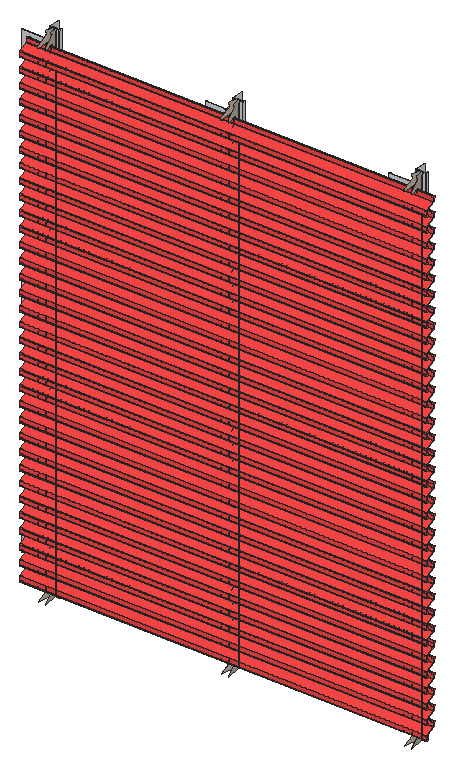
Revit family "HD002-2015.01.12-BT-Conjunto Celosia 70S", category Generic Models, Revit 2016
Family settings
  Part Type = Normal
  Can host rebar = No
  Round Connector Dimension = Use Diameter
  Work Plane-Based = No
  Always vertical = Yes
  Cut with Voids When Loaded = No
  Shared = No
  Room Calculation Point = No
Parameters (values of type "Productos HD")
  URL = "http://www.hunterdouglas.cl/ap/cl/linea/control-solar/cortasoles-lineales/celoscreen"
  Manufacturer = "Hunter Douglas"
  Distancia  entre apoyos = 1800 mm
  Description = "Celisía 70S tiene función decorativa, renovación de aire o control solar pasivo."
  Cantidad  Portapaneles = (Distancia  entre apoyos / 800 mm) + 1  # 3
  Cantidad  Paneles = 34
  Cantidad Anclajes Soporte = 5
  ID_Source = "BIMTOOL"
  ID_Objeto = "BT_F_F_010"
  BT_Uso = "Exterior"
  BT_SKU = "003023"
  BT_Profundidad = 135 mm
  BT_Peso = "N/A"
  BT_Nombre_Tecnico = "Celosia 70S Horizontal"
  BT_Nombre_Corto = "Celosia 70S"
  BT_Material = "Aluzinc"
  BT_MasterFormat® = "08 91 19"
  BT_Marca = "Hunter Douglas"
  BT_Itemizado_Estandar_CDT = "D 01 08 03"
  BT_Especialidad = "Arquitectura"
  BT_Elemento = "Celosias y Quiebravista"
  BT_EETT = "Producto diseñado para ser utilizado en espacios en los que se requiera renovación de aire o simplemente como elemento decorativo, además del control solar pasivo."
  BT_Color = "100 colores a eleccion"
  BT_Codigo_Origen = "HD010"
  BT_Codigo_Linea = "De Línea"
  BT_Ancho = 2000 mm
  BT_Alto = 2500 mm
  Assembly Code = ""
Reference planes
  plane 1 "Center (Front/Back)": y = 0
  plane 2: z = 0
  plane 3 "Center (Left/Right)": x = 0
  plane 4: x = 100
  plane 5: x = 2000
  plane 6: x = 1900
  plane 7: z = 2400
  plane 8: z = 100
Dimensions and locks
  "Distancia  entre apoyos": plane 4 to plane 6
  plane 3 "Center (Left/Right)" to plane 5 = 2000 mm
  locked: plane 6 to plane 5 at 100
  locked: nested 3 to plane 5 at 123.275
  equal spacing: group 2, group 3, group 1
  equal spacing: group 1, group 3, group 2  (x2)
  locked: nested 1 to plane 5 at 81.658
  equal spacing: group 5, group 6, group 4
  equal spacing: group 4, group 6, group 5  (x2)
  equal spacing: group 7, group 8, group 9, group 10, group 11, group 12, group 13, group 14, group 15, group 16, group 17, group 18, group 19, group 20, group 21, group 22, group 23, group 24, group 25, group 26, group 27, group 28, group 29, group 30, group 31, group 32, group 33, group 34, group 35, group 36, group 37, group 38, group 39, group 40  (x3)
  nested 40 to nested 40 = 2000 mm
  aligned and locked: level to plane 2
Nested families
  nested 1: "Portapanel Paso 70" at (1908.472, 23.712, 0), type "Portapanel C70s"
  nested 2: "Panel Celosia 70s" at (0, -6.921, 85.577), type "Panel C70s"
  nested 3: "Perfil Mullion Estandar" at (1857.33, 37.309, 0) x (0, 1, 0) z (0, 0, 1), type "Perfil mullion"
  nested 4: "Perfil Mullion Estandar" at (57.33, 37.309, 0) x (0, 1, 0) z (0, 0, 1), type "Perfil mullion"
  nested 5: "Perfil Mullion Estandar" at (957.33, 37.309, 0) x (0, 1, 0) z (0, 0, 1), type "Perfil mullion"
  nested 6: "Portapanel Paso 70" at (108.472, 23.712, 0), type "Portapanel C70s"
  nested 7: "Portapanel Paso 70" at (1008.472, 23.712, 0), type "Portapanel C70s"
  nested 8: "Panel Celosia 70s" at (0, -6.921, 155.577), type "Panel C70s"
  nested 9: "Panel Celosia 70s" at (0, -6.921, 225.577), type "Panel C70s"
  nested 10: "Panel Celosia 70s" at (0, -6.921, 295.577), type "Panel C70s"
  nested 11: "Panel Celosia 70s" at (0, -6.921, 365.577), type "Panel C70s"
  nested 12: "Panel Celosia 70s" at (0, -6.921, 435.577), type "Panel C70s"
  nested 13: "Panel Celosia 70s" at (0, -6.921, 505.577), type "Panel C70s"
  nested 14: "Panel Celosia 70s" at (0, -6.921, 575.577), type "Panel C70s"
  nested 15: "Panel Celosia 70s" at (0, -6.921, 645.577), type "Panel C70s"
  nested 16: "Panel Celosia 70s" at (0, -6.921, 715.577), type "Panel C70s"
  nested 17: "Panel Celosia 70s" at (0, -6.921, 785.577), type "Panel C70s"
  nested 18: "Panel Celosia 70s" at (0, -6.921, 855.577), type "Panel C70s"
  nested 19: "Panel Celosia 70s" at (0, -6.921, 925.577), type "Panel C70s"
  nested 20: "Panel Celosia 70s" at (0, -6.921, 995.577), type "Panel C70s"
  nested 21: "Panel Celosia 70s" at (0, -6.921, 1065.577), type "Panel C70s"
  nested 22: "Panel Celosia 70s" at (0, -6.921, 1135.577), type "Panel C70s"
  nested 23: "Panel Celosia 70s" at (0, -6.921, 1205.577), type "Panel C70s"
  nested 24: "Panel Celosia 70s" at (0, -6.921, 1275.577), type "Panel C70s"
  nested 25: "Panel Celosia 70s" at (0, -6.921, 1345.577), type "Panel C70s"
  nested 26: "Panel Celosia 70s" at (0, -6.921, 1415.577), type "Panel C70s"
  nested 27: "Panel Celosia 70s" at (0, -6.921, 1485.577), type "Panel C70s"
  nested 28: "Panel Celosia 70s" at (0, -6.921, 1555.577), type "Panel C70s"
  nested 29: "Panel Celosia 70s" at (0, -6.921, 1625.577), type "Panel C70s"
  nested 30: "Panel Celosia 70s" at (0, -6.921, 1695.577), type "Panel C70s"
  nested 31: "Panel Celosia 70s" at (0, -6.921, 1765.577), type "Panel C70s"
  nested 32: "Panel Celosia 70s" at (0, -6.921, 1835.577), type "Panel C70s"
  nested 33: "Panel Celosia 70s" at (0, -6.921, 1905.577), type "Panel C70s"
  nested 34: "Panel Celosia 70s" at (0, -6.921, 1975.577), type "Panel C70s"
  nested 35: "Panel Celosia 70s" at (0, -6.921, 2045.577), type "Panel C70s"
  nested 36: "Panel Celosia 70s" at (0, -6.921, 2115.577), type "Panel C70s"
  nested 37: "Panel Celosia 70s" at (0, -6.921, 2185.577), type "Panel C70s"
  nested 38: "Panel Celosia 70s" at (0, -6.921, 2255.577), type "Panel C70s"
  nested 39: "Panel Celosia 70s" at (0, -6.921, 2325.577), type "Panel C70s"
  nested 40: "Panel Celosia 70s" at (0, -6.921, 2395.577), type "Panel C70s"
Definition of nested family "Portapanel Paso 70"
  Parameters (values of type "Portapanel C70s")
    Ref Matriz = (Largo / 70 mm)  # 36
    Material = none
    Largo = 2500 mm
  Reference planes
    plane 1 "Center (Front/Back)": y = 0
    plane 2: z = 0
    plane 3 "Center (Left/Right)": x = 0
    plane 4: x = 104.727
    plane 5: x = 324.727
  Forms (mm)
    Extrusion 1, solid, material <- "Material"
      sketch origin (54.366, 0, 0) x (0, 1, 0) y (-1, 0, 0)
        loop
          arc (-0.94, 55.225) -> (-0.267, 55.594) -> (0, 56.313) r 1.1
          line (0, 56.313) -> (0, 68.313)
          arc (0, 68.313) -> (-0.267, 69.032) -> (-0.94, 69.401) r 1.1
          line (-0.94, 69.401) -> (-79.5, 80.983) -> (-79.617, 80.192) -> (-0.8, 68.572) -> (-0.8, 56.054) -> (-79.617, 44.434) -> (-79.5, 43.643) -> (-0.94, 55.225)
      from 0 to 2500
    Extrusion 2, void
      sketch origin (54.366, 0.652, -15.656) x (0, 0, 1) y (0, 1, 0)
        loop
          line (11.299, -79.85) -> (11.299, -81.029) -> (81.299, -81.029) -> (81.299, -79.85) -> (77.826, -79.85)
          arc (77.826, -79.85) -> (76.412, -79.264) -> (75.826, -77.85) r 2
          arc (75.826, -77.85) -> (76.119, -77.143) -> (76.826, -76.85) r 1
          line (76.826, -76.85) -> (77.826, -76.85)
          arc (77.826, -76.85) -> (78.18, -76.704) -> (78.326, -76.35) r 0.5
          line (78.326, -76.35) -> (78.326, -74.35)
          arc (78.326, -74.35) -> (78.18, -73.997) -> (77.826, -73.85) r 0.5
          line (77.826, -73.85) -> (76.175, -73.85)
          arc (76.175, -73.85) -> (74.589, -73.068) -> (74.243, -71.333) r 2
          line (74.243, -71.333) -> (83.826, -35.57) -> (83.826, -27.35)
          arc (83.826, -27.35) -> (82.947, -25.229) -> (80.826, -24.35) r 3
          line (80.826, -24.35) -> (66.826, -24.35)
          arc (66.826, -24.35) -> (64.705, -25.229) -> (63.826, -27.35) r 3
          line (63.826, -27.35) -> (63.826, -31.829)
          arc (63.826, -31.829) -> (63.939, -32.291) -> (64.252, -32.648) r 1
          line (64.252, -32.648) -> (67.062, -34.616) -> (68.897, -34.124) -> (71.168, -34.951)
          arc (71.168, -34.951) -> (71.822, -35.803) -> (71.326, -36.756) r 1
          line (71.326, -36.756) -> (68.478, -38.4)
          arc (68.478, -38.4) -> (66.261, -39.153) -> (63.925, -39) r 6
          line (63.925, -39) -> (49.964, -35.259)
          arc (49.964, -35.259) -> (46.36, -35.416) -> (43.498, -37.611) r 6
          line (43.498, -37.611) -> (15.394, -77.719)
          arc (15.394, -77.719) -> (13.607, -79.286) -> (11.299, -79.85) r 5
      from 0 to 250
    Extrusion 3, void
      sketch origin (54.366, 0.652, 54.344) x (0, 0, 1) y (0, 1, 0)
        loop
          line (11.299, -79.85) -> (11.299, -81.029) -> (81.299, -81.029) -> (81.299, -79.85) -> (77.826, -79.85)
          arc (77.826, -79.85) -> (76.412, -79.264) -> (75.826, -77.85) r 2
          arc (75.826, -77.85) -> (76.119, -77.143) -> (76.826, -76.85) r 1
          line (76.826, -76.85) -> (77.826, -76.85)
          arc (77.826, -76.85) -> (78.18, -76.704) -> (78.326, -76.35) r 0.5
          line (78.326, -76.35) -> (78.326, -74.35)
          arc (78.326, -74.35) -> (78.18, -73.997) -> (77.826, -73.85) r 0.5
          line (77.826, -73.85) -> (76.175, -73.85)
          arc (76.175, -73.85) -> (74.589, -73.068) -> (74.243, -71.333) r 2
          line (74.243, -71.333) -> (83.826, -35.57) -> (83.826, -27.35)
          arc (83.826, -27.35) -> (82.947, -25.229) -> (80.826, -24.35) r 3
          line (80.826, -24.35) -> (66.826, -24.35)
          arc (66.826, -24.35) -> (64.705, -25.229) -> (63.826, -27.35) r 3
          line (63.826, -27.35) -> (63.826, -31.829)
          arc (63.826, -31.829) -> (63.939, -32.291) -> (64.252, -32.648) r 1
          line (64.252, -32.648) -> (67.062, -34.616) -> (68.897, -34.124) -> (71.168, -34.951)
          arc (71.168, -34.951) -> (71.822, -35.803) -> (71.326, -36.756) r 1
          line (71.326, -36.756) -> (68.478, -38.4)
          arc (68.478, -38.4) -> (66.261, -39.153) -> (63.925, -39) r 6
          line (63.925, -39) -> (49.964, -35.259)
          arc (49.964, -35.259) -> (46.36, -35.416) -> (43.498, -37.611) r 6
          line (43.498, -37.611) -> (15.394, -77.719)
          arc (15.394, -77.719) -> (13.607, -79.286) -> (11.299, -79.85) r 5
      from 0 to 250
    Extrusion 4, void
      sketch origin (54.366, 0.652, 124.344) x (0, 0, 1) y (0, 1, 0)
        loop
          line (11.299, -79.85) -> (11.299, -81.029) -> (81.299, -81.029) -> (81.299, -79.85) -> (77.826, -79.85)
          arc (77.826, -79.85) -> (76.412, -79.264) -> (75.826, -77.85) r 2
          arc (75.826, -77.85) -> (76.119, -77.143) -> (76.826, -76.85) r 1
          line (76.826, -76.85) -> (77.826, -76.85)
          arc (77.826, -76.85) -> (78.18, -76.704) -> (78.326, -76.35) r 0.5
          line (78.326, -76.35) -> (78.326, -74.35)
          arc (78.326, -74.35) -> (78.18, -73.997) -> (77.826, -73.85) r 0.5
          line (77.826, -73.85) -> (76.175, -73.85)
          arc (76.175, -73.85) -> (74.589, -73.068) -> (74.243, -71.333) r 2
          line (74.243, -71.333) -> (83.826, -35.57) -> (83.826, -27.35)
          arc (83.826, -27.35) -> (82.947, -25.229) -> (80.826, -24.35) r 3
          line (80.826, -24.35) -> (66.826, -24.35)
          arc (66.826, -24.35) -> (64.705, -25.229) -> (63.826, -27.35) r 3
          line (63.826, -27.35) -> (63.826, -31.829)
          arc (63.826, -31.829) -> (63.939, -32.291) -> (64.252, -32.648) r 1
          line (64.252, -32.648) -> (67.062, -34.616) -> (68.897, -34.124) -> (71.168, -34.951)
          arc (71.168, -34.951) -> (71.822, -35.803) -> (71.326, -36.756) r 1
          line (71.326, -36.756) -> (68.478, -38.4)
          arc (68.478, -38.4) -> (66.261, -39.153) -> (63.925, -39) r 6
          line (63.925, -39) -> (49.964, -35.259)
          arc (49.964, -35.259) -> (46.36, -35.416) -> (43.498, -37.611) r 6
          line (43.498, -37.611) -> (15.394, -77.719)
          arc (15.394, -77.719) -> (13.607, -79.286) -> (11.299, -79.85) r 5
      from 0 to 250
    Extrusion 5, void
      sketch origin (54.366, 0.652, 194.344) x (0, 0, 1) y (0, 1, 0)
        loop
          line (11.299, -79.85) -> (11.299, -81.029) -> (81.299, -81.029) -> (81.299, -79.85) -> (77.826, -79.85)
          arc (77.826, -79.85) -> (76.412, -79.264) -> (75.826, -77.85) r 2
          arc (75.826, -77.85) -> (76.119, -77.143) -> (76.826, -76.85) r 1
          line (76.826, -76.85) -> (77.826, -76.85)
          arc (77.826, -76.85) -> (78.18, -76.704) -> (78.326, -76.35) r 0.5
          line (78.326, -76.35) -> (78.326, -74.35)
          arc (78.326, -74.35) -> (78.18, -73.997) -> (77.826, -73.85) r 0.5
          line (77.826, -73.85) -> (76.175, -73.85)
          arc (76.175, -73.85) -> (74.589, -73.068) -> (74.243, -71.333) r 2
          line (74.243, -71.333) -> (83.826, -35.57) -> (83.826, -27.35)
          arc (83.826, -27.35) -> (82.947, -25.229) -> (80.826, -24.35) r 3
          line (80.826, -24.35) -> (66.826, -24.35)
          arc (66.826, -24.35) -> (64.705, -25.229) -> (63.826, -27.35) r 3
          line (63.826, -27.35) -> (63.826, -31.829)
          arc (63.826, -31.829) -> (63.939, -32.291) -> (64.252, -32.648) r 1
          line (64.252, -32.648) -> (67.062, -34.616) -> (68.897, -34.124) -> (71.168, -34.951)
          arc (71.168, -34.951) -> (71.822, -35.803) -> (71.326, -36.756) r 1
          line (71.326, -36.756) -> (68.478, -38.4)
          arc (68.478, -38.4) -> (66.261, -39.153) -> (63.925, -39) r 6
          line (63.925, -39) -> (49.964, -35.259)
          arc (49.964, -35.259) -> (46.36, -35.416) -> (43.498, -37.611) r 6
          line (43.498, -37.611) -> (15.394, -77.719)
          arc (15.394, -77.719) -> (13.607, -79.286) -> (11.299, -79.85) r 5
      from 0 to 250
    Extrusion 6, void
      sketch origin (54.366, 0.652, 264.344) x (0, 0, 1) y (0, 1, 0)
        loop
          line (11.299, -79.85) -> (11.299, -81.029) -> (81.299, -81.029) -> (81.299, -79.85) -> (77.826, -79.85)
          arc (77.826, -79.85) -> (76.412, -79.264) -> (75.826, -77.85) r 2
          arc (75.826, -77.85) -> (76.119, -77.143) -> (76.826, -76.85) r 1
          line (76.826, -76.85) -> (77.826, -76.85)
          arc (77.826, -76.85) -> (78.18, -76.704) -> (78.326, -76.35) r 0.5
          line (78.326, -76.35) -> (78.326, -74.35)
          arc (78.326, -74.35) -> (78.18, -73.997) -> (77.826, -73.85) r 0.5
          line (77.826, -73.85) -> (76.175, -73.85)
          arc (76.175, -73.85) -> (74.589, -73.068) -> (74.243, -71.333) r 2
          line (74.243, -71.333) -> (83.826, -35.57) -> (83.826, -27.35)
          arc (83.826, -27.35) -> (82.947, -25.229) -> (80.826, -24.35) r 3
          line (80.826, -24.35) -> (66.826, -24.35)
          arc (66.826, -24.35) -> (64.705, -25.229) -> (63.826, -27.35) r 3
          line (63.826, -27.35) -> (63.826, -31.829)
          arc (63.826, -31.829) -> (63.939, -32.291) -> (64.252, -32.648) r 1
          line (64.252, -32.648) -> (67.062, -34.616) -> (68.897, -34.124) -> (71.168, -34.951)
          arc (71.168, -34.951) -> (71.822, -35.803) -> (71.326, -36.756) r 1
          line (71.326, -36.756) -> (68.478, -38.4)
          arc (68.478, -38.4) -> (66.261, -39.153) -> (63.925, -39) r 6
          line (63.925, -39) -> (49.964, -35.259)
          arc (49.964, -35.259) -> (46.36, -35.416) -> (43.498, -37.611) r 6
          line (43.498, -37.611) -> (15.394, -77.719)
          arc (15.394, -77.719) -> (13.607, -79.286) -> (11.299, -79.85) r 5
      from 0 to 250
    Extrusion 7, void
      sketch origin (54.366, 0.652, 334.344) x (0, 0, 1) y (0, 1, 0)
        loop
          line (11.299, -79.85) -> (11.299, -81.029) -> (81.299, -81.029) -> (81.299, -79.85) -> (77.826, -79.85)
          arc (77.826, -79.85) -> (76.412, -79.264) -> (75.826, -77.85) r 2
          arc (75.826, -77.85) -> (76.119, -77.143) -> (76.826, -76.85) r 1
          line (76.826, -76.85) -> (77.826, -76.85)
          arc (77.826, -76.85) -> (78.18, -76.704) -> (78.326, -76.35) r 0.5
          line (78.326, -76.35) -> (78.326, -74.35)
          arc (78.326, -74.35) -> (78.18, -73.997) -> (77.826, -73.85) r 0.5
          line (77.826, -73.85) -> (76.175, -73.85)
          arc (76.175, -73.85) -> (74.589, -73.068) -> (74.243, -71.333) r 2
          line (74.243, -71.333) -> (83.826, -35.57) -> (83.826, -27.35)
          arc (83.826, -27.35) -> (82.947, -25.229) -> (80.826, -24.35) r 3
          line (80.826, -24.35) -> (66.826, -24.35)
          arc (66.826, -24.35) -> (64.705, -25.229) -> (63.826, -27.35) r 3
          line (63.826, -27.35) -> (63.826, -31.829)
          arc (63.826, -31.829) -> (63.939, -32.291) -> (64.252, -32.648) r 1
          line (64.252, -32.648) -> (67.062, -34.616) -> (68.897, -34.124) -> (71.168, -34.951)
          arc (71.168, -34.951) -> (71.822, -35.803) -> (71.326, -36.756) r 1
          line (71.326, -36.756) -> (68.478, -38.4)
          arc (68.478, -38.4) -> (66.261, -39.153) -> (63.925, -39) r 6
          line (63.925, -39) -> (49.964, -35.259)
          arc (49.964, -35.259) -> (46.36, -35.416) -> (43.498, -37.611) r 6
          line (43.498, -37.611) -> (15.394, -77.719)
          arc (15.394, -77.719) -> (13.607, -79.286) -> (11.299, -79.85) r 5
      from 0 to 250
    Extrusion 8, void
      sketch origin (54.366, 0.652, 404.344) x (0, 0, 1) y (0, 1, 0)
        loop
          line (11.299, -79.85) -> (11.299, -81.029) -> (81.299, -81.029) -> (81.299, -79.85) -> (77.826, -79.85)
          arc (77.826, -79.85) -> (76.412, -79.264) -> (75.826, -77.85) r 2
          arc (75.826, -77.85) -> (76.119, -77.143) -> (76.826, -76.85) r 1
          line (76.826, -76.85) -> (77.826, -76.85)
          arc (77.826, -76.85) -> (78.18, -76.704) -> (78.326, -76.35) r 0.5
          line (78.326, -76.35) -> (78.326, -74.35)
          arc (78.326, -74.35) -> (78.18, -73.997) -> (77.826, -73.85) r 0.5
          line (77.826, -73.85) -> (76.175, -73.85)
          arc (76.175, -73.85) -> (74.589, -73.068) -> (74.243, -71.333) r 2
          line (74.243, -71.333) -> (83.826, -35.57) -> (83.826, -27.35)
          arc (83.826, -27.35) -> (82.947, -25.229) -> (80.826, -24.35) r 3
          line (80.826, -24.35) -> (66.826, -24.35)
          arc (66.826, -24.35) -> (64.705, -25.229) -> (63.826, -27.35) r 3
          line (63.826, -27.35) -> (63.826, -31.829)
          arc (63.826, -31.829) -> (63.939, -32.291) -> (64.252, -32.648) r 1
          line (64.252, -32.648) -> (67.062, -34.616) -> (68.897, -34.124) -> (71.168, -34.951)
          arc (71.168, -34.951) -> (71.822, -35.803) -> (71.326, -36.756) r 1
          line (71.326, -36.756) -> (68.478, -38.4)
          arc (68.478, -38.4) -> (66.261, -39.153) -> (63.925, -39) r 6
          line (63.925, -39) -> (49.964, -35.259)
          arc (49.964, -35.259) -> (46.36, -35.416) -> (43.498, -37.611) r 6
          line (43.498, -37.611) -> (15.394, -77.719)
          arc (15.394, -77.719) -> (13.607, -79.286) -> (11.299, -79.85) r 5
      from 0 to 250
    Extrusion 9, void
      sketch origin (54.366, 0.652, 474.344) x (0, 0, 1) y (0, 1, 0)
        loop
          line (11.299, -79.85) -> (11.299, -81.029) -> (81.299, -81.029) -> (81.299, -79.85) -> (77.826, -79.85)
          arc (77.826, -79.85) -> (76.412, -79.264) -> (75.826, -77.85) r 2
          arc (75.826, -77.85) -> (76.119, -77.143) -> (76.826, -76.85) r 1
          line (76.826, -76.85) -> (77.826, -76.85)
          arc (77.826, -76.85) -> (78.18, -76.704) -> (78.326, -76.35) r 0.5
          line (78.326, -76.35) -> (78.326, -74.35)
          arc (78.326, -74.35) -> (78.18, -73.997) -> (77.826, -73.85) r 0.5
          line (77.826, -73.85) -> (76.175, -73.85)
          arc (76.175, -73.85) -> (74.589, -73.068) -> (74.243, -71.333) r 2
          line (74.243, -71.333) -> (83.826, -35.57) -> (83.826, -27.35)
          arc (83.826, -27.35) -> (82.947, -25.229) -> (80.826, -24.35) r 3
          line (80.826, -24.35) -> (66.826, -24.35)
          arc (66.826, -24.35) -> (64.705, -25.229) -> (63.826, -27.35) r 3
          line (63.826, -27.35) -> (63.826, -31.829)
          arc (63.826, -31.829) -> (63.939, -32.291) -> (64.252, -32.648) r 1
          line (64.252, -32.648) -> (67.062, -34.616) -> (68.897, -34.124) -> (71.168, -34.951)
          arc (71.168, -34.951) -> (71.822, -35.803) -> (71.326, -36.756) r 1
          line (71.326, -36.756) -> (68.478, -38.4)
          arc (68.478, -38.4) -> (66.261, -39.153) -> (63.925, -39) r 6
          line (63.925, -39) -> (49.964, -35.259)
          arc (49.964, -35.259) -> (46.36, -35.416) -> (43.498, -37.611) r 6
          line (43.498, -37.611) -> (15.394, -77.719)
          arc (15.394, -77.719) -> (13.607, -79.286) -> (11.299, -79.85) r 5
      from 0 to 250
    Extrusion 10, void
      sketch origin (54.366, 0.652, 544.344) x (0, 0, 1) y (0, 1, 0)
        loop
          line (11.299, -79.85) -> (11.299, -81.029) -> (81.299, -81.029) -> (81.299, -79.85) -> (77.826, -79.85)
          arc (77.826, -79.85) -> (76.412, -79.264) -> (75.826, -77.85) r 2
          arc (75.826, -77.85) -> (76.119, -77.143) -> (76.826, -76.85) r 1
          line (76.826, -76.85) -> (77.826, -76.85)
          arc (77.826, -76.85) -> (78.18, -76.704) -> (78.326, -76.35) r 0.5
          line (78.326, -76.35) -> (78.326, -74.35)
          arc (78.326, -74.35) -> (78.18, -73.997) -> (77.826, -73.85) r 0.5
          line (77.826, -73.85) -> (76.175, -73.85)
          arc (76.175, -73.85) -> (74.589, -73.068) -> (74.243, -71.333) r 2
          line (74.243, -71.333) -> (83.826, -35.57) -> (83.826, -27.35)
          arc (83.826, -27.35) -> (82.947, -25.229) -> (80.826, -24.35) r 3
          line (80.826, -24.35) -> (66.826, -24.35)
          arc (66.826, -24.35) -> (64.705, -25.229) -> (63.826, -27.35) r 3
          line (63.826, -27.35) -> (63.826, -31.829)
          arc (63.826, -31.829) -> (63.939, -32.291) -> (64.252, -32.648) r 1
          line (64.252, -32.648) -> (67.062, -34.616) -> (68.897, -34.124) -> (71.168, -34.951)
          arc (71.168, -34.951) -> (71.822, -35.803) -> (71.326, -36.756) r 1
          line (71.326, -36.756) -> (68.478, -38.4)
          arc (68.478, -38.4) -> (66.261, -39.153) -> (63.925, -39) r 6
          line (63.925, -39) -> (49.964, -35.259)
          arc (49.964, -35.259) -> (46.36, -35.416) -> (43.498, -37.611) r 6
          line (43.498, -37.611) -> (15.394, -77.719)
          arc (15.394, -77.719) -> (13.607, -79.286) -> (11.299, -79.85) r 5
      from 0 to 250
    Extrusion 11, void
      sketch origin (54.366, 0.652, 614.344) x (0, 0, 1) y (0, 1, 0)
        loop
          line (11.299, -79.85) -> (11.299, -81.029) -> (81.299, -81.029) -> (81.299, -79.85) -> (77.826, -79.85)
          arc (77.826, -79.85) -> (76.412, -79.264) -> (75.826, -77.85) r 2
          arc (75.826, -77.85) -> (76.119, -77.143) -> (76.826, -76.85) r 1
          line (76.826, -76.85) -> (77.826, -76.85)
          arc (77.826, -76.85) -> (78.18, -76.704) -> (78.326, -76.35) r 0.5
          line (78.326, -76.35) -> (78.326, -74.35)
          arc (78.326, -74.35) -> (78.18, -73.997) -> (77.826, -73.85) r 0.5
          line (77.826, -73.85) -> (76.175, -73.85)
          arc (76.175, -73.85) -> (74.589, -73.068) -> (74.243, -71.333) r 2
          line (74.243, -71.333) -> (83.826, -35.57) -> (83.826, -27.35)
          arc (83.826, -27.35) -> (82.947, -25.229) -> (80.826, -24.35) r 3
          line (80.826, -24.35) -> (66.826, -24.35)
          arc (66.826, -24.35) -> (64.705, -25.229) -> (63.826, -27.35) r 3
          line (63.826, -27.35) -> (63.826, -31.829)
          arc (63.826, -31.829) -> (63.939, -32.291) -> (64.252, -32.648) r 1
          line (64.252, -32.648) -> (67.062, -34.616) -> (68.897, -34.124) -> (71.168, -34.951)
          arc (71.168, -34.951) -> (71.822, -35.803) -> (71.326, -36.756) r 1
          line (71.326, -36.756) -> (68.478, -38.4)
          arc (68.478, -38.4) -> (66.261, -39.153) -> (63.925, -39) r 6
          line (63.925, -39) -> (49.964, -35.259)
          arc (49.964, -35.259) -> (46.36, -35.416) -> (43.498, -37.611) r 6
          line (43.498, -37.611) -> (15.394, -77.719)
          arc (15.394, -77.719) -> (13.607, -79.286) -> (11.299, -79.85) r 5
      from 0 to 250
    Extrusion 12, void
      sketch origin (54.366, 0.652, 684.344) x (0, 0, 1) y (0, 1, 0)
        loop
          line (11.299, -79.85) -> (11.299, -81.029) -> (81.299, -81.029) -> (81.299, -79.85) -> (77.826, -79.85)
          arc (77.826, -79.85) -> (76.412, -79.264) -> (75.826, -77.85) r 2
          arc (75.826, -77.85) -> (76.119, -77.143) -> (76.826, -76.85) r 1
          line (76.826, -76.85) -> (77.826, -76.85)
          arc (77.826, -76.85) -> (78.18, -76.704) -> (78.326, -76.35) r 0.5
          line (78.326, -76.35) -> (78.326, -74.35)
          arc (78.326, -74.35) -> (78.18, -73.997) -> (77.826, -73.85) r 0.5
          line (77.826, -73.85) -> (76.175, -73.85)
          arc (76.175, -73.85) -> (74.589, -73.068) -> (74.243, -71.333) r 2
          line (74.243, -71.333) -> (83.826, -35.57) -> (83.826, -27.35)
          arc (83.826, -27.35) -> (82.947, -25.229) -> (80.826, -24.35) r 3
          line (80.826, -24.35) -> (66.826, -24.35)
          arc (66.826, -24.35) -> (64.705, -25.229) -> (63.826, -27.35) r 3
          line (63.826, -27.35) -> (63.826, -31.829)
          arc (63.826, -31.829) -> (63.939, -32.291) -> (64.252, -32.648) r 1
          line (64.252, -32.648) -> (67.062, -34.616) -> (68.897, -34.124) -> (71.168, -34.951)
          arc (71.168, -34.951) -> (71.822, -35.803) -> (71.326, -36.756) r 1
          line (71.326, -36.756) -> (68.478, -38.4)
          arc (68.478, -38.4) -> (66.261, -39.153) -> (63.925, -39) r 6
          line (63.925, -39) -> (49.964, -35.259)
          arc (49.964, -35.259) -> (46.36, -35.416) -> (43.498, -37.611) r 6
          line (43.498, -37.611) -> (15.394, -77.719)
          arc (15.394, -77.719) -> (13.607, -79.286) -> (11.299, -79.85) r 5
      from 0 to 250
    Extrusion 13, void
      sketch origin (54.366, 0.652, 754.344) x (0, 0, 1) y (0, 1, 0)
        loop
          line (11.299, -79.85) -> (11.299, -81.029) -> (81.299, -81.029) -> (81.299, -79.85) -> (77.826, -79.85)
          arc (77.826, -79.85) -> (76.412, -79.264) -> (75.826, -77.85) r 2
          arc (75.826, -77.85) -> (76.119, -77.143) -> (76.826, -76.85) r 1
          line (76.826, -76.85) -> (77.826, -76.85)
          arc (77.826, -76.85) -> (78.18, -76.704) -> (78.326, -76.35) r 0.5
          line (78.326, -76.35) -> (78.326, -74.35)
          arc (78.326, -74.35) -> (78.18, -73.997) -> (77.826, -73.85) r 0.5
          line (77.826, -73.85) -> (76.175, -73.85)
          arc (76.175, -73.85) -> (74.589, -73.068) -> (74.243, -71.333) r 2
          line (74.243, -71.333) -> (83.826, -35.57) -> (83.826, -27.35)
          arc (83.826, -27.35) -> (82.947, -25.229) -> (80.826, -24.35) r 3
          line (80.826, -24.35) -> (66.826, -24.35)
          arc (66.826, -24.35) -> (64.705, -25.229) -> (63.826, -27.35) r 3
          line (63.826, -27.35) -> (63.826, -31.829)
          arc (63.826, -31.829) -> (63.939, -32.291) -> (64.252, -32.648) r 1
          line (64.252, -32.648) -> (67.062, -34.616) -> (68.897, -34.124) -> (71.168, -34.951)
          arc (71.168, -34.951) -> (71.822, -35.803) -> (71.326, -36.756) r 1
          line (71.326, -36.756) -> (68.478, -38.4)
          arc (68.478, -38.4) -> (66.261, -39.153) -> (63.925, -39) r 6
          line (63.925, -39) -> (49.964, -35.259)
          arc (49.964, -35.259) -> (46.36, -35.416) -> (43.498, -37.611) r 6
          line (43.498, -37.611) -> (15.394, -77.719)
          arc (15.394, -77.719) -> (13.607, -79.286) -> (11.299, -79.85) r 5
      from 0 to 250
    Extrusion 14, void
      sketch origin (54.366, 0.652, 824.344) x (0, 0, 1) y (0, 1, 0)
        loop
          line (11.299, -79.85) -> (11.299, -81.029) -> (81.299, -81.029) -> (81.299, -79.85) -> (77.826, -79.85)
          arc (77.826, -79.85) -> (76.412, -79.264) -> (75.826, -77.85) r 2
          arc (75.826, -77.85) -> (76.119, -77.143) -> (76.826, -76.85) r 1
          line (76.826, -76.85) -> (77.826, -76.85)
          arc (77.826, -76.85) -> (78.18, -76.704) -> (78.326, -76.35) r 0.5
          line (78.326, -76.35) -> (78.326, -74.35)
          arc (78.326, -74.35) -> (78.18, -73.997) -> (77.826, -73.85) r 0.5
          line (77.826, -73.85) -> (76.175, -73.85)
          arc (76.175, -73.85) -> (74.589, -73.068) -> (74.243, -71.333) r 2
          line (74.243, -71.333) -> (83.826, -35.57) -> (83.826, -27.35)
          arc (83.826, -27.35) -> (82.947, -25.229) -> (80.826, -24.35) r 3
          line (80.826, -24.35) -> (66.826, -24.35)
          arc (66.826, -24.35) -> (64.705, -25.229) -> (63.826, -27.35) r 3
          line (63.826, -27.35) -> (63.826, -31.829)
          arc (63.826, -31.829) -> (63.939, -32.291) -> (64.252, -32.648) r 1
          line (64.252, -32.648) -> (67.062, -34.616) -> (68.897, -34.124) -> (71.168, -34.951)
          arc (71.168, -34.951) -> (71.822, -35.803) -> (71.326, -36.756) r 1
          line (71.326, -36.756) -> (68.478, -38.4)
          arc (68.478, -38.4) -> (66.261, -39.153) -> (63.925, -39) r 6
          line (63.925, -39) -> (49.964, -35.259)
          arc (49.964, -35.259) -> (46.36, -35.416) -> (43.498, -37.611) r 6
          line (43.498, -37.611) -> (15.394, -77.719)
          arc (15.394, -77.719) -> (13.607, -79.286) -> (11.299, -79.85) r 5
      from 0 to 250
    Extrusion 15, void
      sketch origin (54.366, 0.652, 894.344) x (0, 0, 1) y (0, 1, 0)
        loop
          line (11.299, -79.85) -> (11.299, -81.029) -> (81.299, -81.029) -> (81.299, -79.85) -> (77.826, -79.85)
          arc (77.826, -79.85) -> (76.412, -79.264) -> (75.826, -77.85) r 2
          arc (75.826, -77.85) -> (76.119, -77.143) -> (76.826, -76.85) r 1
          line (76.826, -76.85) -> (77.826, -76.85)
          arc (77.826, -76.85) -> (78.18, -76.704) -> (78.326, -76.35) r 0.5
          line (78.326, -76.35) -> (78.326, -74.35)
          arc (78.326, -74.35) -> (78.18, -73.997) -> (77.826, -73.85) r 0.5
          line (77.826, -73.85) -> (76.175, -73.85)
          arc (76.175, -73.85) -> (74.589, -73.068) -> (74.243, -71.333) r 2
          line (74.243, -71.333) -> (83.826, -35.57) -> (83.826, -27.35)
          arc (83.826, -27.35) -> (82.947, -25.229) -> (80.826, -24.35) r 3
          line (80.826, -24.35) -> (66.826, -24.35)
          arc (66.826, -24.35) -> (64.705, -25.229) -> (63.826, -27.35) r 3
          line (63.826, -27.35) -> (63.826, -31.829)
          arc (63.826, -31.829) -> (63.939, -32.291) -> (64.252, -32.648) r 1
          line (64.252, -32.648) -> (67.062, -34.616) -> (68.897, -34.124) -> (71.168, -34.951)
          arc (71.168, -34.951) -> (71.822, -35.803) -> (71.326, -36.756) r 1
          line (71.326, -36.756) -> (68.478, -38.4)
          arc (68.478, -38.4) -> (66.261, -39.153) -> (63.925, -39) r 6
          line (63.925, -39) -> (49.964, -35.259)
          arc (49.964, -35.259) -> (46.36, -35.416) -> (43.498, -37.611) r 6
          line (43.498, -37.611) -> (15.394, -77.719)
          arc (15.394, -77.719) -> (13.607, -79.286) -> (11.299, -79.85) r 5
      from 0 to 250
    Extrusion 16, void
      sketch origin (54.366, 0.652, 964.344) x (0, 0, 1) y (0, 1, 0)
        loop
          line (11.299, -79.85) -> (11.299, -81.029) -> (81.299, -81.029) -> (81.299, -79.85) -> (77.826, -79.85)
          arc (77.826, -79.85) -> (76.412, -79.264) -> (75.826, -77.85) r 2
          arc (75.826, -77.85) -> (76.119, -77.143) -> (76.826, -76.85) r 1
          line (76.826, -76.85) -> (77.826, -76.85)
          arc (77.826, -76.85) -> (78.18, -76.704) -> (78.326, -76.35) r 0.5
          line (78.326, -76.35) -> (78.326, -74.35)
          arc (78.326, -74.35) -> (78.18, -73.997) -> (77.826, -73.85) r 0.5
          line (77.826, -73.85) -> (76.175, -73.85)
          arc (76.175, -73.85) -> (74.589, -73.068) -> (74.243, -71.333) r 2
          line (74.243, -71.333) -> (83.826, -35.57) -> (83.826, -27.35)
          arc (83.826, -27.35) -> (82.947, -25.229) -> (80.826, -24.35) r 3
          line (80.826, -24.35) -> (66.826, -24.35)
          arc (66.826, -24.35) -> (64.705, -25.229) -> (63.826, -27.35) r 3
          line (63.826, -27.35) -> (63.826, -31.829)
          arc (63.826, -31.829) -> (63.939, -32.291) -> (64.252, -32.648) r 1
          line (64.252, -32.648) -> (67.062, -34.616) -> (68.897, -34.124) -> (71.168, -34.951)
          arc (71.168, -34.951) -> (71.822, -35.803) -> (71.326, -36.756) r 1
          line (71.326, -36.756) -> (68.478, -38.4)
          arc (68.478, -38.4) -> (66.261, -39.153) -> (63.925, -39) r 6
          line (63.925, -39) -> (49.964, -35.259)
          arc (49.964, -35.259) -> (46.36, -35.416) -> (43.498, -37.611) r 6
          line (43.498, -37.611) -> (15.394, -77.719)
          arc (15.394, -77.719) -> (13.607, -79.286) -> (11.299, -79.85) r 5
      from 0 to 250
    Extrusion 17, void
      sketch origin (54.366, 0.652, 1034.344) x (0, 0, 1) y (0, 1, 0)
        loop
          line (11.299, -79.85) -> (11.299, -81.029) -> (81.299, -81.029) -> (81.299, -79.85) -> (77.826, -79.85)
          arc (77.826, -79.85) -> (76.412, -79.264) -> (75.826, -77.85) r 2
          arc (75.826, -77.85) -> (76.119, -77.143) -> (76.826, -76.85) r 1
          line (76.826, -76.85) -> (77.826, -76.85)
          arc (77.826, -76.85) -> (78.18, -76.704) -> (78.326, -76.35) r 0.5
          line (78.326, -76.35) -> (78.326, -74.35)
          arc (78.326, -74.35) -> (78.18, -73.997) -> (77.826, -73.85) r 0.5
          line (77.826, -73.85) -> (76.175, -73.85)
          arc (76.175, -73.85) -> (74.589, -73.068) -> (74.243, -71.333) r 2
          line (74.243, -71.333) -> (83.826, -35.57) -> (83.826, -27.35)
          arc (83.826, -27.35) -> (82.947, -25.229) -> (80.826, -24.35) r 3
          line (80.826, -24.35) -> (66.826, -24.35)
          arc (66.826, -24.35) -> (64.705, -25.229) -> (63.826, -27.35) r 3
          line (63.826, -27.35) -> (63.826, -31.829)
          arc (63.826, -31.829) -> (63.939, -32.291) -> (64.252, -32.648) r 1
          line (64.252, -32.648) -> (67.062, -34.616) -> (68.897, -34.124) -> (71.168, -34.951)
          arc (71.168, -34.951) -> (71.822, -35.803) -> (71.326, -36.756) r 1
          line (71.326, -36.756) -> (68.478, -38.4)
          arc (68.478, -38.4) -> (66.261, -39.153) -> (63.925, -39) r 6
          line (63.925, -39) -> (49.964, -35.259)
          arc (49.964, -35.259) -> (46.36, -35.416) -> (43.498, -37.611) r 6
          line (43.498, -37.611) -> (15.394, -77.719)
          arc (15.394, -77.719) -> (13.607, -79.286) -> (11.299, -79.85) r 5
      from 0 to 250
    Extrusion 18, void
      sketch origin (54.366, 0.652, 1104.344) x (0, 0, 1) y (0, 1, 0)
        loop
          line (11.299, -79.85) -> (11.299, -81.029) -> (81.299, -81.029) -> (81.299, -79.85) -> (77.826, -79.85)
          arc (77.826, -79.85) -> (76.412, -79.264) -> (75.826, -77.85) r 2
          arc (75.826, -77.85) -> (76.119, -77.143) -> (76.826, -76.85) r 1
          line (76.826, -76.85) -> (77.826, -76.85)
          arc (77.826, -76.85) -> (78.18, -76.704) -> (78.326, -76.35) r 0.5
          line (78.326, -76.35) -> (78.326, -74.35)
          arc (78.326, -74.35) -> (78.18, -73.997) -> (77.826, -73.85) r 0.5
          line (77.826, -73.85) -> (76.175, -73.85)
          arc (76.175, -73.85) -> (74.589, -73.068) -> (74.243, -71.333) r 2
          line (74.243, -71.333) -> (83.826, -35.57) -> (83.826, -27.35)
          arc (83.826, -27.35) -> (82.947, -25.229) -> (80.826, -24.35) r 3
          line (80.826, -24.35) -> (66.826, -24.35)
          arc (66.826, -24.35) -> (64.705, -25.229) -> (63.826, -27.35) r 3
          line (63.826, -27.35) -> (63.826, -31.829)
          arc (63.826, -31.829) -> (63.939, -32.291) -> (64.252, -32.648) r 1
          line (64.252, -32.648) -> (67.062, -34.616) -> (68.897, -34.124) -> (71.168, -34.951)
          arc (71.168, -34.951) -> (71.822, -35.803) -> (71.326, -36.756) r 1
          line (71.326, -36.756) -> (68.478, -38.4)
          arc (68.478, -38.4) -> (66.261, -39.153) -> (63.925, -39) r 6
          line (63.925, -39) -> (49.964, -35.259)
          arc (49.964, -35.259) -> (46.36, -35.416) -> (43.498, -37.611) r 6
          line (43.498, -37.611) -> (15.394, -77.719)
          arc (15.394, -77.719) -> (13.607, -79.286) -> (11.299, -79.85) r 5
      from 0 to 250
    Extrusion 19, void
      sketch origin (54.366, 0.652, 1174.344) x (0, 0, 1) y (0, 1, 0)
        loop
          line (11.299, -79.85) -> (11.299, -81.029) -> (81.299, -81.029) -> (81.299, -79.85) -> (77.826, -79.85)
          arc (77.826, -79.85) -> (76.412, -79.264) -> (75.826, -77.85) r 2
          arc (75.826, -77.85) -> (76.119, -77.143) -> (76.826, -76.85) r 1
          line (76.826, -76.85) -> (77.826, -76.85)
          arc (77.826, -76.85) -> (78.18, -76.704) -> (78.326, -76.35) r 0.5
          line (78.326, -76.35) -> (78.326, -74.35)
          arc (78.326, -74.35) -> (78.18, -73.997) -> (77.826, -73.85) r 0.5
          line (77.826, -73.85) -> (76.175, -73.85)
          arc (76.175, -73.85) -> (74.589, -73.068) -> (74.243, -71.333) r 2
          line (74.243, -71.333) -> (83.826, -35.57) -> (83.826, -27.35)
          arc (83.826, -27.35) -> (82.947, -25.229) -> (80.826, -24.35) r 3
          line (80.826, -24.35) -> (66.826, -24.35)
          arc (66.826, -24.35) -> (64.705, -25.229) -> (63.826, -27.35) r 3
          line (63.826, -27.35) -> (63.826, -31.829)
          arc (63.826, -31.829) -> (63.939, -32.291) -> (64.252, -32.648) r 1
          line (64.252, -32.648) -> (67.062, -34.616) -> (68.897, -34.124) -> (71.168, -34.951)
          arc (71.168, -34.951) -> (71.822, -35.803) -> (71.326, -36.756) r 1
          line (71.326, -36.756) -> (68.478, -38.4)
          arc (68.478, -38.4) -> (66.261, -39.153) -> (63.925, -39) r 6
          line (63.925, -39) -> (49.964, -35.259)
          arc (49.964, -35.259) -> (46.36, -35.416) -> (43.498, -37.611) r 6
          line (43.498, -37.611) -> (15.394, -77.719)
          arc (15.394, -77.719) -> (13.607, -79.286) -> (11.299, -79.85) r 5
      from 0 to 250
    Extrusion 20, void
      sketch origin (54.366, 0.652, 1244.344) x (0, 0, 1) y (0, 1, 0)
        loop
          line (11.299, -79.85) -> (11.299, -81.029) -> (81.299, -81.029) -> (81.299, -79.85) -> (77.826, -79.85)
          arc (77.826, -79.85) -> (76.412, -79.264) -> (75.826, -77.85) r 2
          arc (75.826, -77.85) -> (76.119, -77.143) -> (76.826, -76.85) r 1
          line (76.826, -76.85) -> (77.826, -76.85)
          arc (77.826, -76.85) -> (78.18, -76.704) -> (78.326, -76.35) r 0.5
          line (78.326, -76.35) -> (78.326, -74.35)
          arc (78.326, -74.35) -> (78.18, -73.997) -> (77.826, -73.85) r 0.5
          line (77.826, -73.85) -> (76.175, -73.85)
          arc (76.175, -73.85) -> (74.589, -73.068) -> (74.243, -71.333) r 2
          line (74.243, -71.333) -> (83.826, -35.57) -> (83.826, -27.35)
          arc (83.826, -27.35) -> (82.947, -25.229) -> (80.826, -24.35) r 3
          line (80.826, -24.35) -> (66.826, -24.35)
          arc (66.826, -24.35) -> (64.705, -25.229) -> (63.826, -27.35) r 3
          line (63.826, -27.35) -> (63.826, -31.829)
          arc (63.826, -31.829) -> (63.939, -32.291) -> (64.252, -32.648) r 1
          line (64.252, -32.648) -> (67.062, -34.616) -> (68.897, -34.124) -> (71.168, -34.951)
          arc (71.168, -34.951) -> (71.822, -35.803) -> (71.326, -36.756) r 1
          line (71.326, -36.756) -> (68.478, -38.4)
          arc (68.478, -38.4) -> (66.261, -39.153) -> (63.925, -39) r 6
          line (63.925, -39) -> (49.964, -35.259)
          arc (49.964, -35.259) -> (46.36, -35.416) -> (43.498, -37.611) r 6
          line (43.498, -37.611) -> (15.394, -77.719)
          arc (15.394, -77.719) -> (13.607, -79.286) -> (11.299, -79.85) r 5
      from 0 to 250
    Extrusion 21, void
      sketch origin (54.366, 0.652, 1314.344) x (0, 0, 1) y (0, 1, 0)
        loop
          line (11.299, -79.85) -> (11.299, -81.029) -> (81.299, -81.029) -> (81.299, -79.85) -> (77.826, -79.85)
          arc (77.826, -79.85) -> (76.412, -79.264) -> (75.826, -77.85) r 2
          arc (75.826, -77.85) -> (76.119, -77.143) -> (76.826, -76.85) r 1
          line (76.826, -76.85) -> (77.826, -76.85)
          arc (77.826, -76.85) -> (78.18, -76.704) -> (78.326, -76.35) r 0.5
          line (78.326, -76.35) -> (78.326, -74.35)
          arc (78.326, -74.35) -> (78.18, -73.997) -> (77.826, -73.85) r 0.5
          line (77.826, -73.85) -> (76.175, -73.85)
          arc (76.175, -73.85) -> (74.589, -73.068) -> (74.243, -71.333) r 2
          line (74.243, -71.333) -> (83.826, -35.57) -> (83.826, -27.35)
          arc (83.826, -27.35) -> (82.947, -25.229) -> (80.826, -24.35) r 3
          line (80.826, -24.35) -> (66.826, -24.35)
          arc (66.826, -24.35) -> (64.705, -25.229) -> (63.826, -27.35) r 3
          line (63.826, -27.35) -> (63.826, -31.829)
          arc (63.826, -31.829) -> (63.939, -32.291) -> (64.252, -32.648) r 1
          line (64.252, -32.648) -> (67.062, -34.616) -> (68.897, -34.124) -> (71.168, -34.951)
          arc (71.168, -34.951) -> (71.822, -35.803) -> (71.326, -36.756) r 1
          line (71.326, -36.756) -> (68.478, -38.4)
          arc (68.478, -38.4) -> (66.261, -39.153) -> (63.925, -39) r 6
          line (63.925, -39) -> (49.964, -35.259)
          arc (49.964, -35.259) -> (46.36, -35.416) -> (43.498, -37.611) r 6
          line (43.498, -37.611) -> (15.394, -77.719)
          arc (15.394, -77.719) -> (13.607, -79.286) -> (11.299, -79.85) r 5
      from 0 to 250
    Extrusion 22, void
      sketch origin (54.366, 0.652, 1384.344) x (0, 0, 1) y (0, 1, 0)
        loop
          line (11.299, -79.85) -> (11.299, -81.029) -> (81.299, -81.029) -> (81.299, -79.85) -> (77.826, -79.85)
          arc (77.826, -79.85) -> (76.412, -79.264) -> (75.826, -77.85) r 2
          arc (75.826, -77.85) -> (76.119, -77.143) -> (76.826, -76.85) r 1
          line (76.826, -76.85) -> (77.826, -76.85)
          arc (77.826, -76.85) -> (78.18, -76.704) -> (78.326, -76.35) r 0.5
          line (78.326, -76.35) -> (78.326, -74.35)
          arc (78.326, -74.35) -> (78.18, -73.997) -> (77.826, -73.85) r 0.5
          line (77.826, -73.85) -> (76.175, -73.85)
          arc (76.175, -73.85) -> (74.589, -73.068) -> (74.243, -71.333) r 2
          line (74.243, -71.333) -> (83.826, -35.57) -> (83.826, -27.35)
          arc (83.826, -27.35) -> (82.947, -25.229) -> (80.826, -24.35) r 3
          line (80.826, -24.35) -> (66.826, -24.35)
          arc (66.826, -24.35) -> (64.705, -25.229) -> (63.826, -27.35) r 3
          line (63.826, -27.35) -> (63.826, -31.829)
          arc (63.826, -31.829) -> (63.939, -32.291) -> (64.252, -32.648) r 1
          line (64.252, -32.648) -> (67.062, -34.616) -> (68.897, -34.124) -> (71.168, -34.951)
          arc (71.168, -34.951) -> (71.822, -35.803) -> (71.326, -36.756) r 1
          line (71.326, -36.756) -> (68.478, -38.4)
          arc (68.478, -38.4) -> (66.261, -39.153) -> (63.925, -39) r 6
          line (63.925, -39) -> (49.964, -35.259)
          arc (49.964, -35.259) -> (46.36, -35.416) -> (43.498, -37.611) r 6
          line (43.498, -37.611) -> (15.394, -77.719)
          arc (15.394, -77.719) -> (13.607, -79.286) -> (11.299, -79.85) r 5
      from 0 to 250
    Extrusion 23, void
      sketch origin (54.366, 0.652, 1454.344) x (0, 0, 1) y (0, 1, 0)
        loop
          line (11.299, -79.85) -> (11.299, -81.029) -> (81.299, -81.029) -> (81.299, -79.85) -> (77.826, -79.85)
          arc (77.826, -79.85) -> (76.412, -79.264) -> (75.826, -77.85) r 2
          arc (75.826, -77.85) -> (76.119, -77.143) -> (76.826, -76.85) r 1
          line (76.826, -76.85) -> (77.826, -76.85)
          arc (77.826, -76.85) -> (78.18, -76.704) -> (78.326, -76.35) r 0.5
          line (78.326, -76.35) -> (78.326, -74.35)
          arc (78.326, -74.35) -> (78.18, -73.997) -> (77.826, -73.85) r 0.5
          line (77.826, -73.85) -> (76.175, -73.85)
          arc (76.175, -73.85) -> (74.589, -73.068) -> (74.243, -71.333) r 2
          line (74.243, -71.333) -> (83.826, -35.57) -> (83.826, -27.35)
          arc (83.826, -27.35) -> (82.947, -25.229) -> (80.826, -24.35) r 3
          line (80.826, -24.35) -> (66.826, -24.35)
          arc (66.826, -24.35) -> (64.705, -25.229) -> (63.826, -27.35) r 3
          line (63.826, -27.35) -> (63.826, -31.829)
          arc (63.826, -31.829) -> (63.939, -32.291) -> (64.252, -32.648) r 1
          line (64.252, -32.648) -> (67.062, -34.616) -> (68.897, -34.124) -> (71.168, -34.951)
          arc (71.168, -34.951) -> (71.822, -35.803) -> (71.326, -36.756) r 1
          line (71.326, -36.756) -> (68.478, -38.4)
          arc (68.478, -38.4) -> (66.261, -39.153) -> (63.925, -39) r 6
          line (63.925, -39) -> (49.964, -35.259)
          arc (49.964, -35.259) -> (46.36, -35.416) -> (43.498, -37.611) r 6
          line (43.498, -37.611) -> (15.394, -77.719)
          arc (15.394, -77.719) -> (13.607, -79.286) -> (11.299, -79.85) r 5
      from 0 to 250
    Extrusion 24, void
      sketch origin (54.366, 0.652, 1524.344) x (0, 0, 1) y (0, 1, 0)
        loop
          line (11.299, -79.85) -> (11.299, -81.029) -> (81.299, -81.029) -> (81.299, -79.85) -> (77.826, -79.85)
          arc (77.826, -79.85) -> (76.412, -79.264) -> (75.826, -77.85) r 2
          arc (75.826, -77.85) -> (76.119, -77.143) -> (76.826, -76.85) r 1
          line (76.826, -76.85) -> (77.826, -76.85)
          arc (77.826, -76.85) -> (78.18, -76.704) -> (78.326, -76.35) r 0.5
          line (78.326, -76.35) -> (78.326, -74.35)
          arc (78.326, -74.35) -> (78.18, -73.997) -> (77.826, -73.85) r 0.5
          line (77.826, -73.85) -> (76.175, -73.85)
          arc (76.175, -73.85) -> (74.589, -73.068) -> (74.243, -71.333) r 2
          line (74.243, -71.333) -> (83.826, -35.57) -> (83.826, -27.35)
          arc (83.826, -27.35) -> (82.947, -25.229) -> (80.826, -24.35) r 3
          line (80.826, -24.35) -> (66.826, -24.35)
          arc (66.826, -24.35) -> (64.705, -25.229) -> (63.826, -27.35) r 3
          line (63.826, -27.35) -> (63.826, -31.829)
          arc (63.826, -31.829) -> (63.939, -32.291) -> (64.252, -32.648) r 1
          line (64.252, -32.648) -> (67.062, -34.616) -> (68.897, -34.124) -> (71.168, -34.951)
          arc (71.168, -34.951) -> (71.822, -35.803) -> (71.326, -36.756) r 1
          line (71.326, -36.756) -> (68.478, -38.4)
          arc (68.478, -38.4) -> (66.261, -39.153) -> (63.925, -39) r 6
          line (63.925, -39) -> (49.964, -35.259)
          arc (49.964, -35.259) -> (46.36, -35.416) -> (43.498, -37.611) r 6
          line (43.498, -37.611) -> (15.394, -77.719)
          arc (15.394, -77.719) -> (13.607, -79.286) -> (11.299, -79.85) r 5
      from 0 to 250
    Extrusion 25, void
      sketch origin (54.366, 0.652, 1594.344) x (0, 0, 1) y (0, 1, 0)
        loop
          line (11.299, -79.85) -> (11.299, -81.029) -> (81.299, -81.029) -> (81.299, -79.85) -> (77.826, -79.85)
          arc (77.826, -79.85) -> (76.412, -79.264) -> (75.826, -77.85) r 2
          arc (75.826, -77.85) -> (76.119, -77.143) -> (76.826, -76.85) r 1
          line (76.826, -76.85) -> (77.826, -76.85)
          arc (77.826, -76.85) -> (78.18, -76.704) -> (78.326, -76.35) r 0.5
          line (78.326, -76.35) -> (78.326, -74.35)
          arc (78.326, -74.35) -> (78.18, -73.997) -> (77.826, -73.85) r 0.5
          line (77.826, -73.85) -> (76.175, -73.85)
          arc (76.175, -73.85) -> (74.589, -73.068) -> (74.243, -71.333) r 2
          line (74.243, -71.333) -> (83.826, -35.57) -> (83.826, -27.35)
          arc (83.826, -27.35) -> (82.947, -25.229) -> (80.826, -24.35) r 3
          line (80.826, -24.35) -> (66.826, -24.35)
          arc (66.826, -24.35) -> (64.705, -25.229) -> (63.826, -27.35) r 3
          line (63.826, -27.35) -> (63.826, -31.829)
          arc (63.826, -31.829) -> (63.939, -32.291) -> (64.252, -32.648) r 1
          line (64.252, -32.648) -> (67.062, -34.616) -> (68.897, -34.124) -> (71.168, -34.951)
          arc (71.168, -34.951) -> (71.822, -35.803) -> (71.326, -36.756) r 1
          line (71.326, -36.756) -> (68.478, -38.4)
          arc (68.478, -38.4) -> (66.261, -39.153) -> (63.925, -39) r 6
          line (63.925, -39) -> (49.964, -35.259)
          arc (49.964, -35.259) -> (46.36, -35.416) -> (43.498, -37.611) r 6
          line (43.498, -37.611) -> (15.394, -77.719)
          arc (15.394, -77.719) -> (13.607, -79.286) -> (11.299, -79.85) r 5
      from 0 to 250
    Extrusion 26, void
      sketch origin (54.366, 0.652, 1664.344) x (0, 0, 1) y (0, 1, 0)
        loop
          line (11.299, -79.85) -> (11.299, -81.029) -> (81.299, -81.029) -> (81.299, -79.85) -> (77.826, -79.85)
          arc (77.826, -79.85) -> (76.412, -79.264) -> (75.826, -77.85) r 2
          arc (75.826, -77.85) -> (76.119, -77.143) -> (76.826, -76.85) r 1
          line (76.826, -76.85) -> (77.826, -76.85)
          arc (77.826, -76.85) -> (78.18, -76.704) -> (78.326, -76.35) r 0.5
          line (78.326, -76.35) -> (78.326, -74.35)
          arc (78.326, -74.35) -> (78.18, -73.997) -> (77.826, -73.85) r 0.5
          line (77.826, -73.85) -> (76.175, -73.85)
          arc (76.175, -73.85) -> (74.589, -73.068) -> (74.243, -71.333) r 2
          line (74.243, -71.333) -> (83.826, -35.57) -> (83.826, -27.35)
          arc (83.826, -27.35) -> (82.947, -25.229) -> (80.826, -24.35) r 3
          line (80.826, -24.35) -> (66.826, -24.35)
          arc (66.826, -24.35) -> (64.705, -25.229) -> (63.826, -27.35) r 3
          line (63.826, -27.35) -> (63.826, -31.829)
          arc (63.826, -31.829) -> (63.939, -32.291) -> (64.252, -32.648) r 1
          line (64.252, -32.648) -> (67.062, -34.616) -> (68.897, -34.124) -> (71.168, -34.951)
          arc (71.168, -34.951) -> (71.822, -35.803) -> (71.326, -36.756) r 1
          line (71.326, -36.756) -> (68.478, -38.4)
          arc (68.478, -38.4) -> (66.261, -39.153) -> (63.925, -39) r 6
          line (63.925, -39) -> (49.964, -35.259)
          arc (49.964, -35.259) -> (46.36, -35.416) -> (43.498, -37.611) r 6
          line (43.498, -37.611) -> (15.394, -77.719)
          arc (15.394, -77.719) -> (13.607, -79.286) -> (11.299, -79.85) r 5
      from 0 to 250
    Extrusion 27, void
      sketch origin (54.366, 0.652, 1734.344) x (0, 0, 1) y (0, 1, 0)
        loop
          line (11.299, -79.85) -> (11.299, -81.029) -> (81.299, -81.029) -> (81.299, -79.85) -> (77.826, -79.85)
          arc (77.826, -79.85) -> (76.412, -79.264) -> (75.826, -77.85) r 2
          arc (75.826, -77.85) -> (76.119, -77.143) -> (76.826, -76.85) r 1
          line (76.826, -76.85) -> (77.826, -76.85)
          arc (77.826, -76.85) -> (78.18, -76.704) -> (78.326, -76.35) r 0.5
          line (78.326, -76.35) -> (78.326, -74.35)
          arc (78.326, -74.35) -> (78.18, -73.997) -> (77.826, -73.85) r 0.5
          line (77.826, -73.85) -> (76.175, -73.85)
          arc (76.175, -73.85) -> (74.589, -73.068) -> (74.243, -71.333) r 2
          line (74.243, -71.333) -> (83.826, -35.57) -> (83.826, -27.35)
          arc (83.826, -27.35) -> (82.947, -25.229) -> (80.826, -24.35) r 3
          line (80.826, -24.35) -> (66.826, -24.35)
          arc (66.826, -24.35) -> (64.705, -25.229) -> (63.826, -27.35) r 3
          line (63.826, -27.35) -> (63.826, -31.829)
          arc (63.826, -31.829) -> (63.939, -32.291) -> (64.252, -32.648) r 1
          line (64.252, -32.648) -> (67.062, -34.616) -> (68.897, -34.124) -> (71.168, -34.951)
          arc (71.168, -34.951) -> (71.822, -35.803) -> (71.326, -36.756) r 1
          line (71.326, -36.756) -> (68.478, -38.4)
          arc (68.478, -38.4) -> (66.261, -39.153) -> (63.925, -39) r 6
          line (63.925, -39) -> (49.964, -35.259)
          arc (49.964, -35.259) -> (46.36, -35.416) -> (43.498, -37.611) r 6
          line (43.498, -37.611) -> (15.394, -77.719)
          arc (15.394, -77.719) -> (13.607, -79.286) -> (11.299, -79.85) r 5
      from 0 to 250
    Extrusion 28, void
      sketch origin (54.366, 0.652, 1804.344) x (0, 0, 1) y (0, 1, 0)
        loop
          line (11.299, -79.85) -> (11.299, -81.029) -> (81.299, -81.029) -> (81.299, -79.85) -> (77.826, -79.85)
          arc (77.826, -79.85) -> (76.412, -79.264) -> (75.826, -77.85) r 2
          arc (75.826, -77.85) -> (76.119, -77.143) -> (76.826, -76.85) r 1
          line (76.826, -76.85) -> (77.826, -76.85)
          arc (77.826, -76.85) -> (78.18, -76.704) -> (78.326, -76.35) r 0.5
          line (78.326, -76.35) -> (78.326, -74.35)
          arc (78.326, -74.35) -> (78.18, -73.997) -> (77.826, -73.85) r 0.5
          line (77.826, -73.85) -> (76.175, -73.85)
          arc (76.175, -73.85) -> (74.589, -73.068) -> (74.243, -71.333) r 2
          line (74.243, -71.333) -> (83.826, -35.57) -> (83.826, -27.35)
          arc (83.826, -27.35) -> (82.947, -25.229) -> (80.826, -24.35) r 3
          line (80.826, -24.35) -> (66.826, -24.35)
          arc (66.826, -24.35) -> (64.705, -25.229) -> (63.826, -27.35) r 3
          line (63.826, -27.35) -> (63.826, -31.829)
          arc (63.826, -31.829) -> (63.939, -32.291) -> (64.252, -32.648) r 1
          line (64.252, -32.648) -> (67.062, -34.616) -> (68.897, -34.124) -> (71.168, -34.951)
          arc (71.168, -34.951) -> (71.822, -35.803) -> (71.326, -36.756) r 1
          line (71.326, -36.756) -> (68.478, -38.4)
          arc (68.478, -38.4) -> (66.261, -39.153) -> (63.925, -39) r 6
          line (63.925, -39) -> (49.964, -35.259)
          arc (49.964, -35.259) -> (46.36, -35.416) -> (43.498, -37.611) r 6
          line (43.498, -37.611) -> (15.394, -77.719)
          arc (15.394, -77.719) -> (13.607, -79.286) -> (11.299, -79.85) r 5
      from 0 to 250
    Extrusion 29, void
      sketch origin (54.366, 0.652, 1874.344) x (0, 0, 1) y (0, 1, 0)
        loop
          line (11.299, -79.85) -> (11.299, -81.029) -> (81.299, -81.029) -> (81.299, -79.85) -> (77.826, -79.85)
          arc (77.826, -79.85) -> (76.412, -79.264) -> (75.826, -77.85) r 2
          arc (75.826, -77.85) -> (76.119, -77.143) -> (76.826, -76.85) r 1
          line (76.826, -76.85) -> (77.826, -76.85)
          arc (77.826, -76.85) -> (78.18, -76.704) -> (78.326, -76.35) r 0.5
          line (78.326, -76.35) -> (78.326, -74.35)
          arc (78.326, -74.35) -> (78.18, -73.997) -> (77.826, -73.85) r 0.5
          line (77.826, -73.85) -> (76.175, -73.85)
          arc (76.175, -73.85) -> (74.589, -73.068) -> (74.243, -71.333) r 2
          line (74.243, -71.333) -> (83.826, -35.57) -> (83.826, -27.35)
          arc (83.826, -27.35) -> (82.947, -25.229) -> (80.826, -24.35) r 3
          line (80.826, -24.35) -> (66.826, -24.35)
          arc (66.826, -24.35) -> (64.705, -25.229) -> (63.826, -27.35) r 3
          line (63.826, -27.35) -> (63.826, -31.829)
          arc (63.826, -31.829) -> (63.939, -32.291) -> (64.252, -32.648) r 1
          line (64.252, -32.648) -> (67.062, -34.616) -> (68.897, -34.124) -> (71.168, -34.951)
          arc (71.168, -34.951) -> (71.822, -35.803) -> (71.326, -36.756) r 1
          line (71.326, -36.756) -> (68.478, -38.4)
          arc (68.478, -38.4) -> (66.261, -39.153) -> (63.925, -39) r 6
          line (63.925, -39) -> (49.964, -35.259)
          arc (49.964, -35.259) -> (46.36, -35.416) -> (43.498, -37.611) r 6
          line (43.498, -37.611) -> (15.394, -77.719)
          arc (15.394, -77.719) -> (13.607, -79.286) -> (11.299, -79.85) r 5
      from 0 to 250
    Extrusion 30, void
      sketch origin (54.366, 0.652, 1944.344) x (0, 0, 1) y (0, 1, 0)
        loop
          line (11.299, -79.85) -> (11.299, -81.029) -> (81.299, -81.029) -> (81.299, -79.85) -> (77.826, -79.85)
          arc (77.826, -79.85) -> (76.412, -79.264) -> (75.826, -77.85) r 2
          arc (75.826, -77.85) -> (76.119, -77.143) -> (76.826, -76.85) r 1
          line (76.826, -76.85) -> (77.826, -76.85)
          arc (77.826, -76.85) -> (78.18, -76.704) -> (78.326, -76.35) r 0.5
          line (78.326, -76.35) -> (78.326, -74.35)
          arc (78.326, -74.35) -> (78.18, -73.997) -> (77.826, -73.85) r 0.5
          line (77.826, -73.85) -> (76.175, -73.85)
          arc (76.175, -73.85) -> (74.589, -73.068) -> (74.243, -71.333) r 2
          line (74.243, -71.333) -> (83.826, -35.57) -> (83.826, -27.35)
          arc (83.826, -27.35) -> (82.947, -25.229) -> (80.826, -24.35) r 3
          line (80.826, -24.35) -> (66.826, -24.35)
          arc (66.826, -24.35) -> (64.705, -25.229) -> (63.826, -27.35) r 3
          line (63.826, -27.35) -> (63.826, -31.829)
          arc (63.826, -31.829) -> (63.939, -32.291) -> (64.252, -32.648) r 1
          line (64.252, -32.648) -> (67.062, -34.616) -> (68.897, -34.124) -> (71.168, -34.951)
          arc (71.168, -34.951) -> (71.822, -35.803) -> (71.326, -36.756) r 1
          line (71.326, -36.756) -> (68.478, -38.4)
          arc (68.478, -38.4) -> (66.261, -39.153) -> (63.925, -39) r 6
          line (63.925, -39) -> (49.964, -35.259)
          arc (49.964, -35.259) -> (46.36, -35.416) -> (43.498, -37.611) r 6
          line (43.498, -37.611) -> (15.394, -77.719)
          arc (15.394, -77.719) -> (13.607, -79.286) -> (11.299, -79.85) r 5
      from 0 to 250
    Extrusion 31, void
      sketch origin (54.366, 0.652, 2014.344) x (0, 0, 1) y (0, 1, 0)
        loop
          line (11.299, -79.85) -> (11.299, -81.029) -> (81.299, -81.029) -> (81.299, -79.85) -> (77.826, -79.85)
          arc (77.826, -79.85) -> (76.412, -79.264) -> (75.826, -77.85) r 2
          arc (75.826, -77.85) -> (76.119, -77.143) -> (76.826, -76.85) r 1
          line (76.826, -76.85) -> (77.826, -76.85)
          arc (77.826, -76.85) -> (78.18, -76.704) -> (78.326, -76.35) r 0.5
          line (78.326, -76.35) -> (78.326, -74.35)
          arc (78.326, -74.35) -> (78.18, -73.997) -> (77.826, -73.85) r 0.5
          line (77.826, -73.85) -> (76.175, -73.85)
          arc (76.175, -73.85) -> (74.589, -73.068) -> (74.243, -71.333) r 2
          line (74.243, -71.333) -> (83.826, -35.57) -> (83.826, -27.35)
          arc (83.826, -27.35) -> (82.947, -25.229) -> (80.826, -24.35) r 3
          line (80.826, -24.35) -> (66.826, -24.35)
          arc (66.826, -24.35) -> (64.705, -25.229) -> (63.826, -27.35) r 3
          line (63.826, -27.35) -> (63.826, -31.829)
          arc (63.826, -31.829) -> (63.939, -32.291) -> (64.252, -32.648) r 1
          line (64.252, -32.648) -> (67.062, -34.616) -> (68.897, -34.124) -> (71.168, -34.951)
          arc (71.168, -34.951) -> (71.822, -35.803) -> (71.326, -36.756) r 1
          line (71.326, -36.756) -> (68.478, -38.4)
          arc (68.478, -38.4) -> (66.261, -39.153) -> (63.925, -39) r 6
